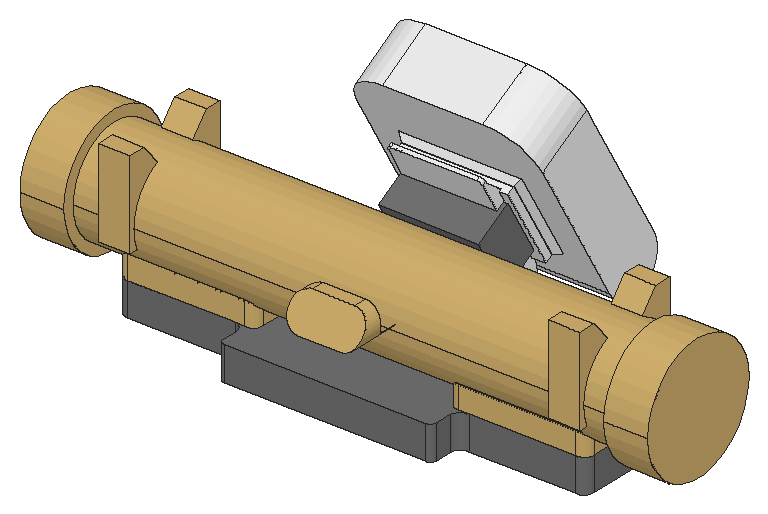
Revit family "SonoMeter40_DN40_RFA", category Pipe Accessories, Revit 2017
Family settings
  Round Connector Dimension = Use Diameter
  Part Type = Valve - Breaks Into
  Work Plane-Based = No
  Always vertical = Yes
  Cut with Voids When Loaded = No
  Shared = No
Parameters (values of type "SonoMeter40_DN40_G2_Kvs23.57_300mm")
  Weight = 3.70 kg
  URL = "https://store.danfoss.com/en/Climate-Solutions-for-heating/Energy-Meters/Energy-meters/SonoMeter-40/c/13141"
  Pressure Drop [instance] = 0.0 Pa
  Operation Pressure = "PN25"  # constant formula
  Nominal Flow = "10 m3/h"
  Model Type = "SonoMeter40_DN40_G2_Kvs23.57_300mm"
  Model = "SonoMeter40"  # constant formula
  Min Flow = "0.1 m3/h"
  Max Flow = "20 m3/h"
  Manufacturer = "Danfoss"  # constant formula
  LOD 350 = not(LOD 200)  # yes
  LOD 200 = no
  L5 = 24 mm
  L4 = 20 mm
  L3 = 83.7 mm
  L2 = 21 mm
  L1 = 437 mm
  L = 300 mm
  Kvs = 23.57 m³/h
  IfcExportType = "SonoMeter40"  # constant formula
  IfcExportAs = "IfcValveType"  # constant formula
  H = 79 mm
  Flow [instance] = 0.0 m³/h
  Description = "Energy Meter"  # constant formula
  D3 = 80 mm
  D2 = 60 mm
  D1 = 50 mm
  D = 40 mm
  Connection = "G2B"
  Body Material = Danfoss Brass
  A_H1 = 50 mm
  A_H = 79 mm
  A = 60.00°
Reference planes
  plane 1 "Center (Front/Back)": y = 0
  plane 2: z = 0
  plane 3 "Center (Left/Right)": x = 0
  plane 4: z = -25
  plane 5 "Ref-1": z = 25
  plane 6: y = -35.5
  plane 7: y = 35.5
  plane 8: x = -129
  plane 9: y = 0
  plane 10: y = -40
  plane 11: y = 40
  plane 12: z = -40
  plane 13: z = 40
  plane 14: x = -136
  plane 15: x = 136
  plane 16: x = 129
  plane 17: x = -150
  plane 18: x = 150
  plane 19: x = 10
  plane 20: x = 24
  plane 21 "Angle 45-B": through (4267.2, 0, 0) normal (0, -0.5, 0.866)
  plane 22 "Angle 45-A": through (4267.2, 0, 0) normal (0, -0.866, -0.5)
  plane 23: z = 9.7
  plane 24: z = -10
  plane 25: x = -10
  plane 26: x = -112
  plane 27: x = 112
  plane 28: y = -19.5
  plane 29: y = 19.5
  plane 30: z = -27
  plane 31: z = -53.5
  plane 32: y = -5
  plane 33: y = 6.8
  plane 34: z = -43
  plane 35: x = 100
  plane 36 "Angle 45-B1": through (4267.2, 8.25, -14.289) normal (0, -0.5, 0.866)
  plane 37: through (4267.2, 43.301, 25) normal (0, -0.866, -0.5)
  plane 38: x = -24
  plane 39: through (4267.2, 68.416, 39.5) normal (0, -0.866, -0.5)
  plane 40: z = 79
  plane 41: y = 94.056
  plane 42: y = -16.1
  plane 43: y = 16.1
  plane 44: x = -10
  plane 45 "Right_1": x = 115
  plane 46 "Right_2": x = -115
  plane 47: z = 8
  plane 48: z = -8
Forms (mm)
  Extrusion 1, solid, material "Danfoss Brass" <- "Body Material", detail levels fine
    sketch origin (0, 0, 0) x (0, 1, 0) y (0, 0, 1)
      loop
        circle (0, 0) r 30
    from -150 to -129
  Extrusion 2, solid, material "Danfoss Brass" <- "Body Material", detail levels fine
    sketch origin (0, 0, 0) x (0, 1, 0) y (0, 0, 1)
      loop
        circle (0, 0) r 30
    from 129 to 150
  Extrusion 3, solid, material "Danfoss Brass" <- "Body Material", detail levels fine
    sketch origin (0, 0, 0) x (1, 0, 0) y (0, 1, 0)
      loop
        arc (-107, 19.5) -> (-110.536, 18.036) -> (-112, 14.5) r 5
        line (-112, 14.5) -> (-112, -14.5)
        arc (-112, -14.5) -> (-110.536, -18.036) -> (-107, -19.5) r 5
        line (-107, -19.5) -> (-51, -19.5)
        arc (-51, -19.5) -> (-47.464, -18.036) -> (-46, -14.5) r 5
        line (-46, -14.5) -> (-46, -3) -> (46, -3) -> (46, -14.5)
        arc (46, -14.5) -> (47.464, -18.036) -> (51, -19.5) r 5
        line (51, -19.5) -> (107, -19.5)
        arc (107, -19.5) -> (110.536, -18.036) -> (112, -14.5) r 5
        line (112, -14.5) -> (112, 14.5)
        arc (112, 14.5) -> (110.536, 18.036) -> (107, 19.5) r 5
        line (107, 19.5) -> (51, 19.5)
        arc (51, 19.5) -> (47.464, 18.036) -> (46, 14.5) r 5
        line (46, 14.5) -> (46, 3) -> (-46, 3) -> (-46, 14.5)
        arc (-46, 14.5) -> (-47.464, 18.036) -> (-51, 19.5) r 5
        line (-51, 19.5) -> (-107, 19.5)
    from -8.6 to -27
  Extrusion 4, solid, material "Danfoss Plastic Dark Gray", detail levels fine
    sketch origin (0, 0, 0) x (1, 0, 0) y (0, 1, 0)
      loop
        arc (-107, 19.5) -> (-110.536, 18.036) -> (-112, 14.5) r 5
        line (-112, 14.5) -> (-112, -14.5)
        arc (-112, -14.5) -> (-110.536, -18.036) -> (-107, -19.5) r 5
        line (-107, -19.5) -> (-56, -19.5)
        arc (-56, -19.5) -> (-52.464, -20.964) -> (-51, -24.5) r 5
        line (-51, -24.5) -> (-51, -32.5)
        arc (-51, -32.5) -> (-50.121, -34.621) -> (-48, -35.5) r 3
        line (-48, -35.5) -> (48, -35.5)
        arc (48, -35.5) -> (50.121, -34.621) -> (51, -32.5) r 3
        line (51, -32.5) -> (51, -24.5)
        arc (51, -24.5) -> (52.464, -20.964) -> (56, -19.5) r 5
        line (56, -19.5) -> (107, -19.5)
        arc (107, -19.5) -> (110.536, -18.036) -> (112, -14.5) r 5
        line (112, -14.5) -> (112, 14.5)
        arc (112, 14.5) -> (110.536, 18.036) -> (107, 19.5) r 5
        line (107, 19.5) -> (56, 19.5)
        arc (56, 19.5) -> (52.464, 20.964) -> (51, 24.5) r 5
        line (51, 24.5) -> (51, 32.5)
        arc (51, 32.5) -> (50.121, 34.621) -> (48, 35.5) r 3
        line (48, 35.5) -> (-48, 35.5)
        arc (-48, 35.5) -> (-50.121, 34.621) -> (-51, 32.5) r 3
        line (-51, 32.5) -> (-51, 24.5)
        arc (-51, 24.5) -> (-52.464, 20.964) -> (-56, 19.5) r 5
        line (-56, 19.5) -> (-107, 19.5)
    from -27 to -43
  Extrusion 5, solid, material "Danfoss Plastic Black", detail levels fine
    sketch origin (0, 0, 0) x (1, 0, 0) y (0, 1, 0)
      loop
        circle (-10, -5) r 4.5
    from -53.5 to -43
  Extrusion 6, solid, material "Danfoss Plastic Dark Gray", detail levels fine
    sketch origin (0, 0, 0) x (0, 0.965926, -0.258819) y (0, 0.258819, 0.965926)
      loop
        line (57.983, 12.728) -> (36.062, 34.648) -> (21.92, 20.506) -> (43.841, -1.414) -> (57.983, 12.728)
    from -24 to 24
  Extrusion 7, solid, material "Danfoss Brass" <- "Body Material", detail levels fine
    sketch origin (0, 0, 0) x (0, 1, 0) y (0, 0, 1)
      loop
        circle (0, 0) r 25
    from -129 to 129
  Extrusion 8, solid, material "Danfoss Brass" <- "Body Material", detail levels fine
    sketch origin (0, 0, 0) x (1, 0, 0) y (0, 0, 1)
      loop
        arc (-10, 8) -> (-18, 0) -> (-10, -8) r 8
        line (-10, -8) -> (10, -8)
        arc (10, -8) -> (18, 0) -> (10, 8) r 8
        line (10, 8) -> (-10, 8)
    from -42 to 42
  Extrusion 9, void
    sketch origin (0, 0, 0) x (0, 1, 0) y (0, 0, 1)
      loop
        line (-55.5, -10) -> (-40.415, -10) -> (-29.041, 9.7) -> (-55.5, 9.7) -> (-55.5, -10)
      loop
        line (55.5, 9.7) -> (29.041, 9.7) -> (40.415, -10) -> (55.5, -10) -> (55.5, 9.7)
    from -24 to 24
  Extrusion 10, solid, material "Danfoss Brass" <- "Body Material", visible <- "LOD 350", detail levels fine
    sketch origin (115, 0, 0) x (0, 0, 1) y (0, -1, 0)
      loop
        line (32, -27) -> (32, -18.712) -> (9.7, 0) -> (32, 18.712) -> (32, 27) -> (-10, 27) -> (-10, -27) -> (32, -27)
    from -15 to 0
  Extrusion 11, solid, material "Danfoss Brass" <- "Body Material", visible <- "LOD 350", detail levels fine
    sketch origin (-115, 0, 0) x (0, 0, 1) y (0, -1, 0)
      loop
        line (32, -27) -> (32, -18.712) -> (9.7, 0) -> (32, 18.712) -> (32, 27) -> (-10, 27) -> (-10, -27) -> (32, -27)
    from 0 to 15
Cuts and joins
  Extrusion 9 cuts Extrusion 8
Dimensions and locks
  equal spacing: plane 5 "Ref-1", level, plane 4
  "D1": plane 5 "Ref-1" to plane 4
  equal spacing: plane 6, plane 1 "Center (Front/Back)", plane 7
  equal spacing: plane 10, plane 1 "Center (Front/Back)", plane 11
  equal spacing: plane 13, level, plane 12
  "D3": plane 13 to plane 12
  "D3": plane 10 to plane 11
  "L": plane 18 to plane 17
  "L2": plane 8 to plane 17
  "L2": plane 18 to plane 16
  equal spacing: plane 18, plane 3 "Center (Left/Right)", plane 17
  plane 23 to level = 9.7 mm
  plane 2 to plane 24 = 10 mm
  "L4": plane 19 to plane 25
  equal spacing: plane 19, plane 3 "Center (Left/Right)", plane 25
  equal spacing: plane 26, plane 3 "Center (Left/Right)", plane 27
  locked: plane 26 to plane 27 at 224
  equal spacing: plane 28, plane 9, plane 29
  locked: plane 28 to plane 29 at 39
  locked: plane 34 to plane 31 at 10.5
  locked: plane 3 "Center (Left/Right)" to plane 35 at 100
  locked: plane 21 "Angle 45-B" to plane 36 "Angle 45-B1" at 16.5
  "A_H1": plane 22 "Angle 45-A" to plane 37
  equal spacing: plane 38, plane 3 "Center (Left/Right)", plane 20
  "L5": plane 38 to plane 3 "Center (Left/Right)"
  "A_H": plane 22 "Angle 45-A" to plane 39
  "H": plane 40 to plane 2
  equal spacing: Extrusion 3 sketch curve, nested 2, Extrusion 3 sketch curve
  Extrusion 3 sketch curve to Extrusion 3 sketch curve = 6 mm
  locked: plane 30 to plane 34 at 16
  equal spacing: plane 42, plane 1 "Center (Front/Back)", plane 43
  locked: plane 42 to plane 43 at 32.2
  locked: plane 26 to Extrusion 4 sketch curve at 61  (x2)
  locked: Extrusion 4 sketch curve to plane 27 at 61  (x2)
  locked: plane 6 to plane 7 at 71
  locked: Extrusion 9 sketch curve to plane 6 at 20
  locked: plane 7 to Extrusion 9 sketch curve at 20
  locked: plane 2 to plane 30 at 27
  locked: Extrusion 6 sketch curve to plane 37 at 20
  equal spacing: Extrusion 9 sketch curve, plane 9, Extrusion 9 sketch curve
  locked: plane 26 to plane 46 "Right_2" at 3
  locked: plane 45 "Right_1" to plane 27 at 3
  locked: plane 2 to Extrusion 10 sketch curve at 32
  equal spacing: Extrusion 10 sketch curve, plane 9, Extrusion 10 sketch curve  (x2)
  Extrusion 10 sketch curve to Extrusion 10 sketch curve = 54 mm
  Extrusion 11 sketch curve to Extrusion 11 sketch curve = 54 mm  (x2)
  locked: Extrusion 11 sketch curve to plane 2 at 32
  locked: plane 32 to plane 1 "Center (Front/Back)" at 5
  plane 3 "Center (Left/Right)" to plane 44 = 10 mm
  equal spacing: plane 47, plane 2, plane 48
  locked: plane 47 to level at 8
  "D2": diameter of Extrusion 1 sketch curve
  "D2": diameter of Extrusion 2 sketch curve
  radius of Extrusion 3 sketch curve = 5 mm  (x8)
  diameter of Extrusion 5 sketch curve = 9 mm
  "D1": diameter of Extrusion 7 sketch curve
  radius of Extrusion 4 sketch curve = 5 mm  (x4)
  radius of Extrusion 4 sketch curve = 3 mm  (x4)
  radius of Extrusion 8 sketch curve = 8 mm  (x2)
  locked: plane 21 "Angle 45-B" to plane 22 "Angle 45-A" (angle 90.00°)
  angle plane 2 to plane 21 "Angle 45-B" = 30.00°
  angle Extrusion 9 sketch curve to plane 2 = 60.00°
  angle plane 2 to Extrusion 9 sketch curve = 60.00°
  angle Extrusion 10 sketch curve to Extrusion 10 sketch curve = 80.00°
  angle Extrusion 11 sketch curve to Extrusion 11 sketch curve = 80.00°  (x2)
  aligned and locked: level to plane 2
  aligned and locked: plane 8 to Extrusion 1
  aligned and locked: Extrusion 2 to plane 16
  aligned and locked: Extrusion 1 to plane 17
  aligned and locked: plane 18 to Extrusion 2
  aligned and locked: plane 29 to Extrusion 3 sketch curve
  aligned and locked: plane 26 to Extrusion 3 sketch curve
  aligned and locked: Extrusion 3 sketch curve to plane 28
  aligned and locked: Extrusion 3 sketch curve to plane 27
  aligned and locked: Extrusion 3 to plane 30
  aligned and locked: Extrusion 4 sketch curve to Extrusion 3  (x4)
  aligned and locked: Extrusion 5 to plane 31
  aligned and locked: Extrusion 5 to plane 34
  aligned and locked: Extrusion 7 to plane 8
  aligned and locked: plane 3 "Center (Left/Right)" to nested 2
  aligned and locked: plane 16 to Extrusion 7
  aligned and locked: Extrusion 3 sketch curve to plane 29
  aligned and locked: Extrusion 4 to Extrusion 3
  aligned and locked: Extrusion 4 to Extrusion 5
  aligned and locked: Extrusion 4 sketch curve to plane 7
  aligned and locked: Extrusion 4 sketch curve to plane 6
  aligned and locked: Extrusion 9 sketch curve to plane 24  (x2)
  aligned and locked: Extrusion 9 sketch curve to plane 23  (x2)
  aligned and locked: Extrusion 9 to plane 38
  aligned and locked: plane 20 to Extrusion 9
  aligned and locked: Extrusion 6 sketch curve to plane 37
  aligned and locked: Extrusion 10 sketch curve to plane 24
  aligned and locked: nested 1 to plane 36 "Angle 45-B1"
  aligned and locked: nested 1 to plane 37
  aligned and locked: nested 1 to plane 3 "Center (Left/Right)"
Automatic sketch dimensions
  plane 28 to Extrusion 3 sketch curve = 0 mm
  Extrusion 3 sketch curve to plane 38 = 27 mm
  Extrusion 3 sketch curve to Extrusion 3 sketch curve = 5 mm
  plane 20 to Extrusion 3 sketch curve = 22 mm
  Extrusion 3 sketch curve to Extrusion 3 sketch curve = 0 mm
  plane 32 to Extrusion 5 sketch curve = 0 mm
  Extrusion 5 sketch curve to plane 44 = 0 mm
  Extrusion 6 sketch curve to plane 21 "Angle 45-B" = 1 mm
  Extrusion 6 sketch curve to Extrusion 6 sketch curve = 21.92 mm
  plane 10 to Extrusion 9 sketch curve = 0.415 mm
  Extrusion 10 sketch curve to plane 1 "Center (Front/Back)" = 0 mm
  Extrusion 10 sketch curve to plane 23 = 0 mm
  plane 29 to Extrusion 10 sketch curve = 0.788 mm
  Extrusion 11 sketch curve to plane 24 = 0 mm
  Extrusion 11 sketch curve to plane 1 "Center (Front/Back)" = 0 mm
  Extrusion 11 sketch curve to plane 23 = 0 mm
  Extrusion 11 sketch curve to plane 28 = 0.788 mm
  plane 29 to Extrusion 11 sketch curve = 0.788 mm
  plane 5 "Ref-1" to Extrusion 11 sketch curve = 7 mm
  Extrusion 11 sketch curve to plane 29 = 7.5 mm
  Extrusion 8 sketch curve to plane 25 = 0 mm  (x2)
  Extrusion 8 sketch curve to level = 0 mm
  Extrusion 8 sketch curve to plane 19 = 0 mm
  Extrusion 8 sketch curve to Extrusion 8 sketch curve = 0 mm
  Extrusion 1 sketch curve to level = 0 mm
  Extrusion 1 sketch curve to plane 1 "Center (Front/Back)" = 0 mm
  Extrusion 2 sketch curve to level = 0 mm
  Extrusion 2 sketch curve to plane 1 "Center (Front/Back)" = 0 mm
  Extrusion 7 sketch curve to level = 0 mm
  Extrusion 7 sketch curve to plane 1 "Center (Front/Back)" = 0 mm
Nested families
  nested 1: "SonoMeter40_body" at (0, 27.303, -3.289) x (-1, 0, 0) z (0, 0.866, 0.5), type "SonoMeter40", detail levels fine
  nested 2: "Schematic_Energy Meter" at (0, 0, 0), type "Schematic_Energy Meter", detail levels coarse+medium
Connectors
  piping at (150, 0, 0), diameter 40, driven by "D", driven by "Flow"
    settings: on Extrusion 2, index 1, connector inside diameter 609.6 mm, connector length 0 mm, flow factor 0, pipe flow 0.0 m³/h, pressure drop 0.0 Pa, fitting loss kfactor 0, connector angle 0.00°, fixture units 0, engagement length 0 mm, angle of deflection 0.00°, flow configuration 0, flow direction 0, fitting loss method 0, system type 29, joint type 0, gender type 0, connector reference index 2, connector utility 0, adjustable connector no, is connector primary no, connector description ""
  piping at (-150, 0, 0), diameter 40, driven by "D", driven by "Flow"
    settings: on Extrusion 1, index 2, connector inside diameter 609.6 mm, connector length 0 mm, flow factor 0, pipe flow 0.0 m³/h, pressure drop 0.0 Pa, fitting loss kfactor 0, connector angle 0.00°, fixture units 0, engagement length 0 mm, angle of deflection 0.00°, flow configuration 0, flow direction 0, fitting loss method 0, system type 29, joint type 0, gender type 0, connector reference index 1, connector utility 0, adjustable connector no, is connector primary yes, connector description ""
Definition of nested family "SonoMeter40_body"
  Parameters (values of type "SonoMeter40")
    W = 115.5 mm
    URL = ""
    Model Type = "SonoMeter 40"  # constant formula
    Model = ""
    Manufacturer = "Danfoss"  # constant formula
    LOD 350 = not(LOD 200)  # yes
    LOD 200 = no
    L = 89 mm
    IfcExportType = "SonoMeter 40"  # constant formula
    IfcExportAs = "IfcValveType"  # constant formula
    H2 = 30 mm
    H1 = 35.2 mm
    H = 65.2 mm
    Description = "Flow Meter"  # constant formula
  Reference planes
    plane 1 "Center (Front/Back)": y = 0
    plane 2: z = 0
    plane 3 "Center (Left/Right)": x = 0
    plane 4 "Ref-4": z = 65.2
    plane 5: x = -44.5
    plane 6: x = 44.5
    plane 7: y = 57.6
    plane 8: y = -57.9
    plane 9 "Ref-2": z = 35.2
    plane 10: y = -52.8
    plane 11: x = -34
    plane 12: x = 34
    plane 13: x = -22
    plane 14: x = 22
    plane 15 "Ref-1": z = 56.3
    plane 16: y = -9.9
    plane 17: x = -18.5
    plane 18: x = 15.1
    plane 19: z = 32.1
    plane 20: z = 28
    plane 21: z = 23
    plane 22: y = -40.8
    plane 23: y = 35.2
    plane 24: z = 29.6
    plane 25: y = -33.8
    plane 26: y = -22.5
    plane 27: y = 32.3
  Forms (mm)
    Extrusion 1, solid, visible <- "LOD 350"
      sketch origin (0, 0, 0) x (0, 1, 0) y (0, 0, 1)
        loop
          arc (-42.9, 65.2) -> (-57.9, 50.2) -> (-42.9, 35.2) r 15
          line (-42.9, 35.2) -> (57.6, 35.2) -> (57.6, 65.2) -> (-42.9, 65.2)
      from -44.5 to 44.5
    Extrusion 2, void
      sketch origin (0, 0, 63) x (-1, 0, 0) y (0, -1, 0)
        loop
          arc (-24, -57.6) -> (-38.496, -51.596) -> (-44.5, -37.1) r 20.5
          line (-44.5, -37.1) -> (-44.5, -27.6) -> (-54.5, -27.6) -> (-54.5, -67.6) -> (54.5, -67.6) -> (54.5, -27.6) -> (44.5, -27.6) -> (44.5, -37.1)
          arc (44.5, -37.1) -> (38.496, -51.596) -> (24, -57.6) r 20.5
          line (24, -57.6) -> (-24, -57.6)
      from -27.8 to 2.2
    Extrusion 3, void
      sketch origin (0, 0, 63) x (-1, 0, 0) y (0, -1, 0)
        loop
          line (-30, 52.8) -> (30, 52.8)
          arc (30, 52.8) -> (32.828, 53.972) -> (34, 56.8) r 4
          line (34, 56.8) -> (34, 62.9) -> (-34, 62.9) -> (-34, 56.8)
          arc (-34, 56.8) -> (-32.828, 53.972) -> (-30, 52.8) r 4
      from -38.023 to 8.089
    Revolve 4, solid
      sketch origin (0, 0, 56.3) x (-1, 0, 0) y (0, -1, 0)
        loop
          line (0, 52.8) -> (4, 52.8)
          arc (4, 52.8) -> (3.473, 54.073) -> (2.2, 54.6) r 1.8
          line (2.2, 54.6) -> (0, 54.6) -> (0, 52.8)
        axis (0, 52.8) -> (0, 54.6)
      angle from 0 to 360
    Revolve 5, solid
      sketch origin (-22, 0, 56.3) x (-1, 0, 0) y (0, -1, 0)
        loop
          line (0, 52.8) -> (4, 52.8)
          arc (4, 52.8) -> (3.473, 54.073) -> (2.2, 54.6) r 1.8
          line (2.2, 54.6) -> (0, 54.6) -> (0, 52.8)
        axis (0, 52.8) -> (0, 54.6)
      angle from 0 to 360
    Revolve 6, solid
      sketch origin (-11, 0, 56.3) x (-1, 0, 0) y (0, -1, 0)
        loop
          line (0, 52.8) -> (4, 52.8)
          arc (4, 52.8) -> (3.473, 54.073) -> (2.2, 54.6) r 1.8
          line (2.2, 54.6) -> (0, 54.6) -> (0, 52.8)
        axis (0, 52.8) -> (0, 54.6)
      angle from 0 to 360
    Revolve 7, solid
      sketch origin (22, 0, 56.3) x (-1, 0, 0) y (0, -1, 0)
        loop
          line (0, 52.8) -> (4, 52.8)
          arc (4, 52.8) -> (3.473, 54.073) -> (2.2, 54.6) r 1.8
          line (2.2, 54.6) -> (0, 54.6) -> (0, 52.8)
        axis (0, 52.8) -> (0, 54.6)
      angle from 0 to 360
    Revolve 8, solid
      sketch origin (11, 0, 56.3) x (-1, 0, 0) y (0, -1, 0)
        loop
          line (0, 52.8) -> (4, 52.8)
          arc (4, 52.8) -> (3.473, 54.073) -> (2.2, 54.6) r 1.8
          line (2.2, 54.6) -> (0, 54.6) -> (0, 52.8)
        axis (0, 52.8) -> (0, 54.6)
      angle from 0 to 360
    Extrusion 9, void
      sketch origin (0, 0, 65.2) x (-1, 0, 0) y (0, -1, 0)
        loop
          arc (25, -42.1) -> (26.414, -41.514) -> (27, -40.1) r 2
          line (27, -40.1) -> (27, -25.1)
          arc (27, -25.1) -> (26.414, -23.686) -> (25, -23.1) r 2
          line (25, -23.1) -> (-25, -23.1)
          arc (-25, -23.1) -> (-26.414, -23.686) -> (-27, -25.1) r 2
          line (-27, -25.1) -> (-27, -40.1)
          arc (-27, -40.1) -> (-26.414, -41.514) -> (-25, -42.1) r 2
          line (-25, -42.1) -> (25, -42.1)
      from -1 to 5
    Extrusion 10, solid, visible <- "LOD 350"
      sketch origin (0, 0, 65.2) x (-1, 0, 0) y (0, -1, 0)
        loop
          arc (25, -42.1) -> (26.414, -41.514) -> (27, -40.1) r 2
          line (27, -40.1) -> (27, -25.1)
          arc (27, -25.1) -> (26.414, -23.686) -> (25, -23.1) r 2
          line (25, -23.1) -> (-25, -23.1)
          arc (-25, -23.1) -> (-26.414, -23.686) -> (-27, -25.1) r 2
          line (-27, -25.1) -> (-27, -40.1)
          arc (-27, -40.1) -> (-26.414, -41.514) -> (-25, -42.1) r 2
          line (-25, -42.1) -> (25, -42.1)
      from -2 to -0.5
    Extrusion 11, void
      sketch origin (0, 0, 65.2) x (-1, 0, 0) y (0, -1, 0)
        loop
          arc (1.809, 8.1) -> (35.288, 9.9) -> (1.809, 11.7) r 16.788
          line (1.809, 11.7) -> (-7.321, 11.7)
          arc (-7.321, 11.7) -> (-23.085, 9.9) -> (-7.321, 8.1) r 7.985
          line (-7.321, 8.1) -> (1.809, 8.1)
      from -0.5 to 0.5
    Extrusion 12, solid, visible <- "LOD 350"
      sketch origin (0, 0, 65.2) x (-1, 0, 0) y (0, -1, 0)
        loop
          circle (-15.1, 9.9) r 6
      from -1 to 0
    Blend 13, solid, visible <- "LOD 350"
      base sketch origin (0, 0, 35.2) x (-1, 0, 0) y (0, -1, 0)
        loop
          line (-29.3, 25) -> (-29.3, -25) -> (29.3, -25) -> (29.3, 25) -> (-29.3, 25)
      top sketch origin (0, 0, 35.2) x (-1, 0, 0) y (0, -1, 0)
        loop
          line (-26.8, -22.5) -> (26.8, -22.5) -> (26.8, 22.5) -> (-26.8, 22.5) -> (-26.8, -22.5)
      from 0 to -3.1
    Extrusion 14, solid, visible <- "LOD 350"
      sketch origin (0, 0, 35.2) x (-1, 0, 0) y (0, -1, 0)
        loop
          line (26.8, 22.5) -> (-26.8, 22.5) -> (-26.8, -22.5) -> (26.8, -22.5) -> (26.8, 22.5)
      from -3.1 to -7.2
    Extrusion 15, solid, visible <- "LOD 350"
      sketch origin (0, 0, 35.2) x (-1, 0, 0) y (0, -1, 0)
        loop
          line (-20.1, 14.9) -> (20.1, 14.9) -> (20.1, 32.8)
          arc (20.1, 32.8) -> (19.807, 33.507) -> (19.1, 33.8) r 1
          line (19.1, 33.8) -> (6, 33.8)
          arc (6, 33.8) -> (5.293, 34.093) -> (5, 34.8) r 1
          line (5, 34.8) -> (5, 39.8)
          arc (5, 39.8) -> (4.707, 40.507) -> (4, 40.8) r 1
          line (4, 40.8) -> (-4, 40.8)
          arc (-4, 40.8) -> (-4.707, 40.507) -> (-5, 39.8) r 1
          line (-5, 39.8) -> (-5, 34.8)
          arc (-5, 34.8) -> (-5.293, 34.093) -> (-6, 33.8) r 1
          line (-6, 33.8) -> (-19.1, 33.8)
          arc (-19.1, 33.8) -> (-19.807, 33.507) -> (-20.1, 32.8) r 1
          line (-20.1, 32.8) -> (-20.1, 14.9)
      from -3.1 to -12.2
    Extrusion 16, solid, visible <- "LOD 350"
      sketch origin (0, 0, 35.2) x (-1, 0, 0) y (0, -1, 0)
        loop
          line (22.5, -16.7) -> (-22.5, -16.7) -> (-22.5, -33.2)
          arc (-22.5, -33.2) -> (-21.914, -34.614) -> (-20.5, -35.2) r 2
          line (-20.5, -35.2) -> (20.5, -35.2)
          arc (20.5, -35.2) -> (21.914, -34.614) -> (22.5, -33.2) r 2
          line (22.5, -33.2) -> (22.5, -16.7)
      from -3.1 to -12.2
    Extrusion 17, void
      sketch origin (0, 0, 0) x (0, 1, 0) y (0, 0, 1)
        loop
          line (-40.8, 26.5) -> (-33.8, 26.5) -> (-22.5, 29.6) -> (-22.5, 32.1) -> (-40.8, 32.1) -> (-40.8, 26.5)
        loop
          line (32.3, 24.9) -> (35.2, 24.9) -> (35.2, 32.1) -> (22.5, 32.1) -> (22.5, 29.6) -> (32.3, 24.9)
      from -34 to 34
    Extrusion 18, solid, visible <- "LOD 200"
      sketch origin (0, 0, 35.2) x (-1, 0, 0) y (0, -1, 0)
        loop
          line (-44.5, -57.6) -> (44.5, -57.6) -> (44.5, 57.9) -> (-44.5, 57.9) -> (-44.5, -57.6)
      from 0 to 30
    Extrusion 19, solid, visible <- "LOD 200"
      sketch origin (0, 0, 0) x (0, 1, 0) y (0, 0, 1)
        loop
          line (22.5, 29.6) -> (22.5, 35.2) -> (-22.5, 35.2) -> (-22.5, 29.6) -> (-40.8, 29.6) -> (-40.8, 23) -> (35.2, 23) -> (35.2, 29.6) -> (22.5, 29.6)
      from -26.8 to 26.8
  Cuts and joins
    Extrusion 2, Extrusion 3, Extrusion 9, Extrusion 11 cuts Extrusion 1
    Extrusion 17 cuts Extrusion 14
    Extrusion 17 cuts Extrusion 15
    Extrusion 17 cuts Extrusion 16
    joined: Extrusion 14, Extrusion 15, Extrusion 16
  Dimensions and locks
    "H": plane 4 "Ref-4" to level
    "W": plane 8 to plane 7
    equal spacing: plane 6, plane 3 "Center (Left/Right)", plane 5
    "L": plane 6 to plane 5
    "H1": plane 9 "Ref-2" to plane 2
    locked: plane 8 to plane 1 "Center (Front/Back)" at 57.9
    locked: plane 8 to Extrusion 1 sketch curve at 15
    locked: plane 7 to Extrusion 2 sketch curve at 10
    locked: Extrusion 2 sketch curve to plane 7 at 30
    equal spacing: plane 11, plane 3 "Center (Left/Right)", plane 12
    plane 11 to plane 12 = 68 mm
    locked: plane 8 to plane 10 at 5.1
    plane 8 to Extrusion 3 sketch curve = 5 mm
    equal spacing: plane 13, plane 3 "Center (Left/Right)", plane 14
    locked: plane 13 to plane 3 "Center (Left/Right)" at 22
    equal spacing: group 2, group 3, group 1
    equal spacing: group 1, group 3, group 2  (x2)
    locked: Extrusion 9 sketch curve to plane 7 at 15.5
    equal spacing: Extrusion 9 sketch curve, plane 3 "Center (Left/Right)", Extrusion 9 sketch curve
    Extrusion 9 sketch curve to Extrusion 9 sketch curve = 54 mm
    locked: Extrusion 9 sketch curve to Extrusion 9 sketch curve at 19
    locked: plane 4 "Ref-4" to plane 15 "Ref-1" at 8.9
    locked: plane 16 to plane 1 "Center (Front/Back)" at 9.9
    locked: plane 17 to plane 3 "Center (Left/Right)" at 18.5
    locked: plane 17 to plane 18 at 33.6
    equal spacing: Extrusion 11 sketch curve, plane 16, Extrusion 11 sketch curve
    Extrusion 11 sketch curve to Extrusion 11 sketch curve = 3.6 mm
    equal spacing: Blend 13 sketch curve, plane 1 "Center (Front/Back)", Blend 13 sketch curve  (x2)
    Blend 13 sketch curve to Blend 13 sketch curve = 50 mm
    equal spacing: Blend 13 sketch curve, plane 3 "Center (Left/Right)", Blend 13 sketch curve  (x2)
    Blend 13 sketch curve to Blend 13 sketch curve = 58.6 mm
    Blend 13 sketch curve to Blend 13 sketch curve = 45 mm
    Blend 13 sketch curve to Blend 13 sketch curve = 53.6 mm
    locked: plane 9 "Ref-2" to plane 19 at 3.1
    locked: plane 19 to plane 20 at 4.1
    equal spacing: Extrusion 15 sketch curve, plane 3 "Center (Left/Right)", Extrusion 15 sketch curve
    locked: Extrusion 15 sketch curve to Extrusion 15 sketch curve at 40.2
    Extrusion 15 sketch curve to Extrusion 15 sketch curve = 18.9 mm
    locked: Extrusion 15 sketch curve to plane 1 "Center (Front/Back)" at 14.9
    locked: plane 20 to plane 21 at 5
    locked: plane 1 "Center (Front/Back)" to Extrusion 16 sketch curve at 16.7
    equal spacing: Extrusion 16 sketch curve, plane 3 "Center (Left/Right)", Extrusion 16 sketch curve
    locked: Extrusion 16 sketch curve to Extrusion 16 sketch curve at 45
    locked: plane 22 to plane 1 "Center (Front/Back)" at 40.8
    locked: plane 22 to plane 23 at 76
    locked: plane 24 to plane 20 at 1.6
    locked: plane 22 to plane 25 at 7
    Extrusion 17 sketch curve to plane 21 = 3.5 mm
    locked: plane 27 to plane 23 at 2.9
    locked: plane 21 to Extrusion 17 sketch curve at 1.9
    radius of Extrusion 1 sketch curve = 15 mm
    radius of Extrusion 2 sketch curve = 20.5 mm  (x2)
    radius of Extrusion 3 sketch curve = 4 mm  (x2)
    radius of Revolve 4 sketch curve = 1.8 mm
    radius of Revolve 5 sketch curve = 1.8 mm
    radius of Revolve 6 sketch curve = 1.8 mm
    radius of Revolve 7 sketch curve = 1.8 mm
    radius of Revolve 8 sketch curve = 1.8 mm
    radius of Extrusion 9 sketch curve = 2 mm  (x4)
    radius of Extrusion 11 sketch curve = 7.985 mm
    radius of Extrusion 11 sketch curve = 16.788 mm
    radius of Extrusion 12 sketch curve = 6 mm
    radius of Extrusion 15 sketch curve = 1 mm  (x6)
    radius of Extrusion 16 sketch curve = 2 mm  (x2)
    aligned and locked: level to plane 2
    aligned and locked: Extrusion 1 sketch curve to plane 9 "Ref-2"
    aligned and locked: Extrusion 1 sketch curve to plane 7
    aligned and locked: Extrusion 1 to plane 5
    aligned and locked: plane 6 to Extrusion 1
    aligned and locked: Extrusion 2 sketch curve to plane 7
    aligned and locked: Extrusion 2 sketch curve to plane 5
    aligned and locked: Extrusion 2 sketch curve to plane 6
    aligned and locked: Extrusion 2 sketch curve to Extrusion 2 sketch curve
    aligned and locked: Extrusion 2 to plane 9 "Ref-2"
    aligned and locked: plane 4 "Ref-4" to Extrusion 2
    aligned and locked: Extrusion 3 sketch curve to plane 11
    aligned and locked: Extrusion 3 sketch curve to plane 12
    aligned and locked: Extrusion 3 to plane 10
    aligned and locked: Revolve 4 sketch curve to Revolve 4 sketch curve  (x2)
    aligned and locked: Revolve 5 sketch curve to Revolve 5 sketch curve  (x2)
    aligned and locked: Revolve 6 sketch curve to Revolve 6 sketch curve  (x2)
    aligned and locked: Revolve 7 sketch curve to Revolve 7 sketch curve  (x2)
    aligned and locked: Revolve 8 sketch curve to Revolve 8 sketch curve  (x2)
    aligned and locked: Extrusion 10 sketch curve to cut or joined group of Extrusion 1, Extrusion 2, Extrusion 3, Extrusion 9, Extrusion 11  (x4)
    aligned and locked: Blend 13 to plane 19
    aligned and locked: Extrusion 14 sketch curve to Blend 13  (x4)
    aligned and locked: Extrusion 14 to plane 20
    aligned and locked: Extrusion 14 to Blend 13
    aligned and locked: Extrusion 15 to plane 21
    aligned and locked: Extrusion 15 to Extrusion 16
    aligned and locked: Extrusion 15 to Blend 13
    aligned and locked: Extrusion 16 to Blend 13
    aligned and locked: Extrusion 15 sketch curve to plane 22
    aligned and locked: plane 23 to Extrusion 16 sketch curve
    aligned and locked: plane 26 to Extrusion 14
    aligned and locked: plane 26 to Extrusion 17 sketch curve
    aligned and locked: Extrusion 17 sketch curve to plane 19  (x2)
    aligned and locked: Extrusion 17 sketch curve to plane 22
    aligned and locked: Extrusion 17 sketch curve to Extrusion 14
    aligned and locked: cut or joined group of Extrusion 1, Extrusion 2, Extrusion 3, Extrusion 9, Extrusion 11 to Extrusion 17
    aligned and locked: Extrusion 17 to cut or joined group of Extrusion 1, Extrusion 2, Extrusion 3, Extrusion 9, Extrusion 11
    aligned and locked: Extrusion 17 sketch curve to plane 23
    aligned and locked: Extrusion 18 sketch curve to plane 7
    aligned and locked: Extrusion 18 sketch curve to plane 5
    aligned and locked: Extrusion 18 sketch curve to plane 6
    aligned and locked: Extrusion 18 sketch curve to plane 8
    aligned and locked: plane 4 "Ref-4" to Extrusion 18
    aligned and locked: Extrusion 19 sketch curve to plane 24  (x2)
    aligned and locked: Extrusion 19 sketch curve to plane 22
    aligned and locked: Extrusion 19 sketch curve to plane 23
    aligned and locked: Extrusion 19 sketch curve to plane 21
    aligned and locked: Extrusion 19 sketch curve to cut or joined group of Extrusion 14, Extrusion 15, Extrusion 16, Extrusion 17
    aligned and locked: Extrusion 18 to Extrusion 19 sketch curve
    aligned and locked: cut or joined group of Extrusion 14, Extrusion 15, Extrusion 16, Extrusion 17 to Extrusion 19 sketch curve
    aligned and locked: Extrusion 19 to cut or joined group of Extrusion 14, Extrusion 15, Extrusion 16, Extrusion 17  (x2)
  Automatic sketch dimensions
    Extrusion 2 sketch curve to Extrusion 2 sketch curve = 10 mm
    Extrusion 2 sketch curve to plane 5 = 10 mm
    plane 10 to Extrusion 3 sketch curve = 0 mm
    Revolve 4 sketch curve to Revolve 4 sketch curve = 2.2 mm
    Revolve 4 sketch curve to Revolve 4 sketch curve = 0 mm
    Revolve 5 sketch curve to Revolve 5 sketch curve = 2.2 mm
    Revolve 5 sketch curve to Revolve 5 sketch curve = 0 mm
    Revolve 6 sketch curve to Revolve 6 sketch curve = 2.2 mm
    Revolve 6 sketch curve to Revolve 6 sketch curve = 0 mm
    Revolve 7 sketch curve to Revolve 7 sketch curve = 2.2 mm
    Revolve 7 sketch curve to Revolve 7 sketch curve = 0 mm
    Revolve 8 sketch curve to Revolve 8 sketch curve = 2.2 mm
    Revolve 8 sketch curve to Revolve 8 sketch curve = 0 mm
    plane 14 to Extrusion 9 sketch curve = 5 mm
    plane 16 to Extrusion 11 sketch curve = 0 mm  (x2)
    Extrusion 11 sketch curve to plane 18 = 0 mm
    Extrusion 11 sketch curve to plane 17 = 0 mm
    Extrusion 11 sketch curve to Extrusion 11 sketch curve = 0 mm  (x2)
    plane 16 to Extrusion 12 sketch curve = 0 mm
    Extrusion 12 sketch curve to plane 18 = 0 mm
    plane 3 "Center (Left/Right)" to Extrusion 15 sketch curve = 6 mm
    Extrusion 15 sketch curve to plane 3 "Center (Left/Right)" = 4 mm
    Extrusion 15 sketch curve to Extrusion 15 sketch curve = 1 mm
    Extrusion 17 sketch curve to plane 25 = 0 mm
    Extrusion 17 sketch curve to plane 24 = 0 mm  (x2)
    Extrusion 17 sketch curve to plane 27 = 0 mm
    plane 27 to Extrusion 17 sketch curve = 9.8 mm
Definition of nested family "Schematic_Energy Meter"
  Parameters (values of type "Schematic_Energy Meter")
    Word_space = Word_H / 6  # 2.407 mm
    Word_H = R1 * 2 / 3  # 14.444 mm
    L = 110 mm
    R1 = H / 3  # 21.667 mm
    H = 65 mm
    D = 15 mm
  Reference planes
    plane 1 "Center (Front/Back)": y = 0
    plane 2: z = 0
    plane 3 "Center (Left/Right)": x = 0
    plane 4: x = 55
    plane 5: x = -55
    plane 6: y = 7.5
    plane 7: y = -7.5
    plane 8: y = 43.333
    plane 9: y = 21.667
    plane 10: y = 57.778
    plane 11: y = 28.889
    plane 12: x = -14.444
    plane 13: x = 14.444
    plane 14: x = -2.407
    plane 15: x = 2.407
    plane 16: x = 8.426
    plane 17: y = 65
    plane 18: z = 7.5
    plane 19: z = -7.5
    plane 20: z = 43.333
    plane 21: z = 65
    plane 22: z = 21.667
    plane 23: z = 57.778
    plane 24: z = 28.889
  Lines and regions (mm)
    model lines
      curve 1: line (55, 0, 0) -> (-55, 0, 0)
      curve 2: line (0, 0, 0) -> (0, 0, 21.667)
      curve 3: circle (0, 0, 43.333) r 21.667 normal (0, -1, 0)
      curve 4: line (-14.444, 0, 57.778) -> (-2.407, 0, 57.778)
      curve 5: line (-14.444, 0, 57.778) -> (-14.444, 0, 28.889)
      curve 6: line (-14.444, 0, 43.333) -> (-2.407, 0, 43.333)
      curve 7: line (2.407, 0, 28.889) -> (2.407, 0, 57.778)
      curve 8: line (2.407, 0, 57.778) -> (8.426, 0, 43.333)
      curve 9: line (8.426, 0, 43.333) -> (14.444, 0, 57.778)
      curve 10: line (14.444, 0, 57.778) -> (14.444, 0, 28.889)
      curve 21: line (-14.444, 0, 28.889) -> (-2.407, 0, 28.889)
    symbolic lines
      curve 11: line (55, 0, 0) -> (-55, 0, 0)
      curve 12: line (0, 0, 0) -> (0, 21.667, 0)
      curve 13: circle (0, 43.333, 0) r 21.667 normal (0, 0, 1)
      curve 14: line (-14.444, 57.778, 0) -> (-14.444, 28.889, 0)
      curve 15: line (-14.444, 57.778, 0) -> (-2.407, 57.778, 0)
      curve 16: line (-14.444, 43.333, 0) -> (-2.407, 43.333, 0)
      curve 17: line (2.407, 28.889, 0) -> (2.407, 57.778, 0)
      curve 18: line (2.407, 57.778, 0) -> (8.426, 43.333, 0)
      curve 19: line (8.426, 43.333, 0) -> (14.444, 57.778, 0)
      curve 20: line (14.444, 57.778, 0) -> (14.444, 28.889, 0)
      curve 22: line (-14.444, 28.889, 0) -> (-2.407, 28.889, 0)
  Dimensions and locks
    equal spacing: plane 5, plane 3 "Center (Left/Right)", plane 4
    "L": plane 5 to plane 4
    equal spacing: plane 7, plane 1 "Center (Front/Back)", plane 6
    "D": plane 7 to plane 6
    "R1": plane 9 to plane 8
    equal spacing: plane 11, plane 8, plane 10
    "Word_H": plane 8 to plane 10
    equal spacing: plane 12, plane 3 "Center (Left/Right)", plane 13
    "Word_H": plane 12 to plane 3 "Center (Left/Right)"
    equal spacing: plane 14, plane 3 "Center (Left/Right)", plane 15
    "Word_space": plane 14 to plane 3 "Center (Left/Right)"
    equal spacing: plane 15, plane 16, plane 13
    equal spacing: plane 9, plane 8, plane 17
    equal spacing: plane 23, plane 20, plane 24
    "Word_H": plane 23 to plane 20
    equal spacing: plane 21, plane 20, plane 22
    "R1": plane 20 to plane 22
    equal spacing: plane 18, plane 2, plane 19
    "D": plane 18 to plane 19
    "H": plane 21 to plane 2
    "H": plane 1 "Center (Front/Back)" to plane 17
    "R1": radius of curve 13
    "R1": radius of curve 3
    aligned and locked: level to plane 2
    aligned and locked: plane 22 to curve 2
    aligned and locked: plane 2 to curve 1
    aligned and locked: curve 11 to plane 1 "Center (Front/Back)"
    aligned and locked: plane 14 to curve 21
    aligned and locked: plane 12 to curve 5
    aligned and locked: plane 14 to curve 22
    aligned and locked: plane 12 to curve 22
    aligned and locked: plane 8 to curve 13
  Automatic sketch dimensions
    curve 1 to plane 5 = 0 mm
    curve 6 to plane 14 = 0 mm
    curve 4 to plane 14 = 0 mm
    curve 2 to plane 3 "Center (Left/Right)" = 0 mm
    curve 3 to plane 3 "Center (Left/Right)" = 0 mm
    curve 8 to plane 15 = 0 mm
    curve 9 to plane 16 = 0 mm
    curve 10 to plane 13 = 0 mm
    curve 1 to plane 4 = 0 mm
    curve 21 to plane 24 = 0 mm
    curve 10 to plane 24 = 0 mm
    curve 7 to plane 24 = 0 mm
    curve 6 to plane 20 = 0 mm
    curve 9 to plane 20 = 0 mm
    curve 4 to plane 23 = 0 mm
    curve 9 to plane 23 = 0 mm
    curve 7 to plane 23 = 0 mm
    curve 11 to plane 5 = 0 mm
    plane 8 to curve 16 = 0 mm
    curve 16 to plane 14 = 0 mm
    plane 10 to curve 15 = 0 mm
    curve 15 to plane 14 = 0 mm
    curve 12 to plane 3 "Center (Left/Right)" = 0 mm
    curve 13 to plane 3 "Center (Left/Right)" = 0 mm
    plane 10 to curve 18 = 0 mm
    curve 18 to plane 15 = 0 mm
    plane 8 to curve 19 = 0 mm
    curve 19 to plane 16 = 0 mm
    plane 11 to curve 20 = 0 mm
    curve 20 to plane 13 = 0 mm
    curve 11 to plane 4 = 0 mm
    plane 11 to curve 22 = 0 mm
    plane 11 to curve 17 = 0 mm
    plane 10 to curve 19 = 0 mm
